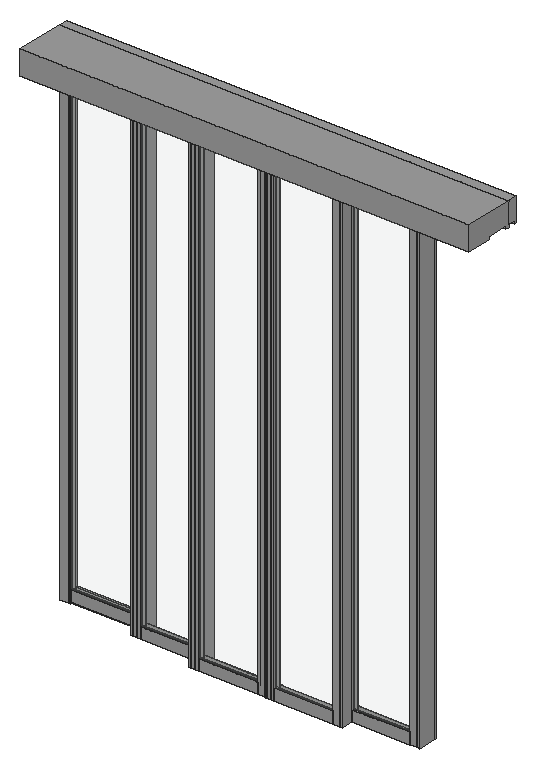
Revit family "agtatec_Record_SldngDrset_D-TSA-Telescopic_Standalone", category Doors, Revit 2015 (continued)
Definition of nested family "Outer Panel"
  Dimensions and locks
    "Outer Panel Width": plane 4 to plane 3 "Center (Left/Right)"
    locked: plane 3 "Center (Left/Right)" to plane 13 at 10
    aligned and locked: plane 2 to level
    aligned and locked: plane 5 to Extrusion 2
    aligned and locked: plane 5 to Extrusion 1
    aligned and locked: Extrusion 3 to plane 7
    aligned and locked: Extrusion 3 to plane 6
    aligned and locked: plane 8 to Extrusion 4
    aligned and locked: Extrusion 4 to plane 9 "Above"
    aligned and locked: Extrusion 4 to plane 10
    aligned and locked: Extrusion 4 to plane 11
    aligned and locked: Extrusion 1 to level
    aligned and locked: Extrusion 2 to level
    aligned and locked: Extrusion 5 to plane 6
    aligned and locked: Extrusion 5 to plane 7
    aligned and locked: Masking region 1 sketch curve to plane 4
  Automatic sketch dimensions
    Extrusion 1 sketch curve to plane 3 "Center (Left/Right)" = 0.00 mm
    Extrusion 1 sketch curve to plane 7 = 0.00 mm  (x2)
    plane 1 "Center (Front/Back)" to Extrusion 1 sketch curve = 0.00 mm
    Extrusion 1 sketch curve to plane 11 = 2.50 mm
    Extrusion 1 sketch curve to Extrusion 1 sketch curve = 2.50 mm  (x2)
    Extrusion 1 sketch curve to Extrusion 1 sketch curve = 27.00 mm
    Extrusion 2 sketch curve to plane 4 = 0.00 mm
    Extrusion 2 sketch curve to plane 6 = 0.00 mm  (x2)
    plane 1 "Center (Front/Back)" to Extrusion 2 sketch curve = 0.00 mm
    plane 10 to Extrusion 2 sketch curve = 2.50 mm
    Extrusion 2 sketch curve to Extrusion 2 sketch curve = 2.50 mm  (x2)
    Extrusion 2 sketch curve to Extrusion 2 sketch curve = 27.00 mm
    Extrusion 3 sketch curve to plane 1 "Center (Front/Back)" = 0.00 mm
    Extrusion 3 sketch curve to plane 5 = 0.00 mm
    Extrusion 3 sketch curve to plane 1 "Center (Front/Back)" = 2.50 mm
    plane 8 to Extrusion 3 sketch curve = 3.00 mm
    Extrusion 3 sketch curve to Extrusion 3 sketch curve = 27.00 mm
    Extrusion 3 sketch curve to Extrusion 3 sketch curve = 2.50 mm
    Extrusion 3 sketch curve to plane 8 = 13.00 mm  (x2)
    Extrusion 4 sketch curve to plane 11 = 0.00 mm
    Extrusion 4 sketch curve to plane 10 = 0.00 mm
    Extrusion 4 sketch curve to plane 1 "Center (Front/Back)" = 4.00 mm
    Extrusion 4 sketch curve to Extrusion 4 sketch curve = 24.00 mm
    Extrusion 5 sketch curve to plane 1 "Center (Front/Back)" = 0.00 mm
    Extrusion 5 sketch curve to level = 0.00 mm
    Extrusion 5 sketch curve to plane 1 "Center (Front/Back)" = 3.25 mm
    Extrusion 5 sketch curve to plane 1 "Center (Front/Back)" = 2.50 mm
    level to Extrusion 5 sketch curve = 5.00 mm
    Extrusion 5 sketch curve to Extrusion 5 sketch curve = 25.50 mm
    plane 9 "Above" to Extrusion 5 sketch curve = 13.00 mm  (x2)
    Extrusion 5 sketch curve to Extrusion 5 sketch curve = 27.00 mm
    Extrusion 5 sketch curve to Extrusion 5 sketch curve = 2.50 mm
    Extrusion 5 sketch curve to Extrusion 5 sketch curve = 5.00 mm
    Extrusion 5 sketch curve to plane 9 "Above" = 3.00 mm
    plane 1 "Center (Front/Back)" to Masking region 1 sketch curve = 0.00 mm
    curve 9 to plane 10 = 0.00 mm
    curve 3 to plane 6 = 0.00 mm
    curve 5 to plane 6 = 0.00 mm
    curve 4 to plane 7 = 0.00 mm
    curve 3 to plane 7 = 0.00 mm
    curve 15 to plane 11 = 0.00 mm
    plane 1 "Center (Front/Back)" to curve 18 = 0.00 mm
    plane 1 "Center (Front/Back)" to curve 20 = 0.00 mm
    curve 5 to plane 10 = 2.50 mm
    curve 11 to plane 11 = 2.50 mm
    curve 7 to plane 1 "Center (Front/Back)" = 2.50 mm
    curve 12 to plane 1 "Center (Front/Back)" = 2.50 mm
    curve 15 to curve 12 = 1.50 mm
    curve 4 to curve 14 = 0.00 mm
    curve 10 to curve 4 = 0.00 mm
    curve 16 to curve 14 = 24.00 mm
    curve 11 to curve 3 = 1.50 mm
    curve 5 to curve 3 = 1.50 mm
    curve 1 to curve 5 = 2.50 mm
    curve 2 to curve 11 = 2.50 mm
    Masking region 1 sketch curve to plane 3 "Center (Left/Right)" = 0.00 mm
    Masking region 1 sketch curve to plane 13 = 0.00 mm
    Masking region 1 sketch curve to plane 12 = 0.00 mm
Types (12, lengths in mm): name | Without side panels | With side panels | Wall Mounting Right | Wall Mounting Left | TotalWidth | TotalHeight | RightPanel | LeftPanel | DurationUnit | DriveUnitHeight | Width | WarrantyStartDate | Rough Width | Rough Height | NominalWidth | NominalHeight | Height | ClearanceZoneRight | ClearanceZoneLeft | CladdingVoid
  D-TSA 150 mm drive unit height - with two side panels | no | yes | yes | yes | 2000.00 | 2337.00 | yes | yes | "year" | 150.00 | 2000.00 | "1900-12-31T23:59:59" | 2006.00 | 2343.00 | 2000.00 | 2337.00 | 2337.00 | 1016.00 | 1016.00 | 35.00
  D-TSA 108 mm drive unit height - side panel left | no | no | no | yes | 1644.00 | 2295.00 | no | yes | "year" | 108.00 | 1644.00 | "1900-12-31T23:59:59" | 1650.00 | 2301.00 | 1644.00 | 2295.00 | 2295.00 | 1000.00 | 1016.00 | 35.00
  D-TSA 108 mm drive unit height - side panel right | no | no | yes | no | 1644.00 | 2295.00 | yes | no | "year" | 108.00 | 1644.00 | "1900-12-31T23:59:59" | 1650.00 | 2301.00 | 1644.00 | 2295.00 | 2295.00 | 1016.00 | 1000.00 | 35.00
  D-TSA 108 mm drive unit height - with two side panels | no | yes | yes | yes | 2000.00 | 2295.00 | yes | yes | "year" | 108.00 | 2000.00 | "1900-12-31T23:59:59" | 2006.00 | 2301.00 | 2000.00 | 2295.00 | 2295.00 | 1016.00 | 1016.00 | 35.00
  D-TSA 150 mm drive unit height - side panel left | no | no | no | yes | 1644.00 | 2337.00 | no | yes | "year" | 150.00 | 1644.00 | "1900-12-31T23:59:59" | 1650.00 | 2343.00 | 1644.00 | 2337.00 | 2337.00 | 1000.00 | 1016.00 | 35.00
  D-TSA 150 mm drive unit height - side panel right | no | no | yes | no | 1644.00 | 2337.00 | yes | no | "year" | 150.00 | 1644.00 | "1900-12-31T23:59:59" | 1650.00 | 2343.00 | 1644.00 | 2337.00 | 2337.00 | 1016.00 | 1000.00 | 35.00
  D-TSA 108 mm drive unit height - without side panels | yes | no | no | no | 1288.00 | 2295.00 | no | no | "year" | 108.00 | 1288.00 | "1900-12-31T23:59:59" | 1294.00 | 2301.00 | 1288.00 | 2295.00 | 2295.00 | 1000.00 | 1000.00 | 3.00
  D-TSA 150 mm drive unit height - without side panels | yes | no | no | no | 1288.00 | 2337.00 | no | no | "1900-12-31T23:59:59" | 150.00 | 1288.00 | "Depends on country" | 1294.00 | 2343.00 | 1288.00 | 2337.00 | 2337.00 | 1000.00 | 1000.00 | 3.00
  D-TSA 200 mm drive unit height - side panel left | no | no | no | yes | 1644.00 | 2387.00 | no | yes | "1900-12-31T23:59:59" | 200.00 | 1644.00 | "Depends on country" | 1650.00 | 2393.00 | 1644.00 | 2387.00 | 2387.00 | 1000.00 | 1016.00 | 35.00
  D-TSA 200 mm drive unit height - side panel right | no | no | yes | no | 1644.00 | 2387.00 | yes | no | "1900-12-31T23:59:59" | 200.00 | 1644.00 | "Depends on country" | 1650.00 | 2393.00 | 1644.00 | 2387.00 | 2387.00 | 1016.00 | 1000.00 | 35.00
  D-TSA 200 mm drive unit height - with two side panels | no | yes | yes | yes | 2000.00 | 2387.00 | yes | yes | "year" | 200.00 | 2000.00 | "1900-12-31T23:59:59" | 2006.00 | 2393.00 | 2000.00 | 2387.00 | 2387.00 | 1016.00 | 1016.00 | 35.00
  D-TSA 200 mm drive unit height - without side panels | yes | no | no | no | 1288.00 | 2387.00 | no | no | "year" | 200.00 | 1288.00 | "1900-12-31T23:59:59" | 1294.00 | 2393.00 | 1288.00 | 2387.00 | 2387.00 | 1000.00 | 1000.00 | 3.00
